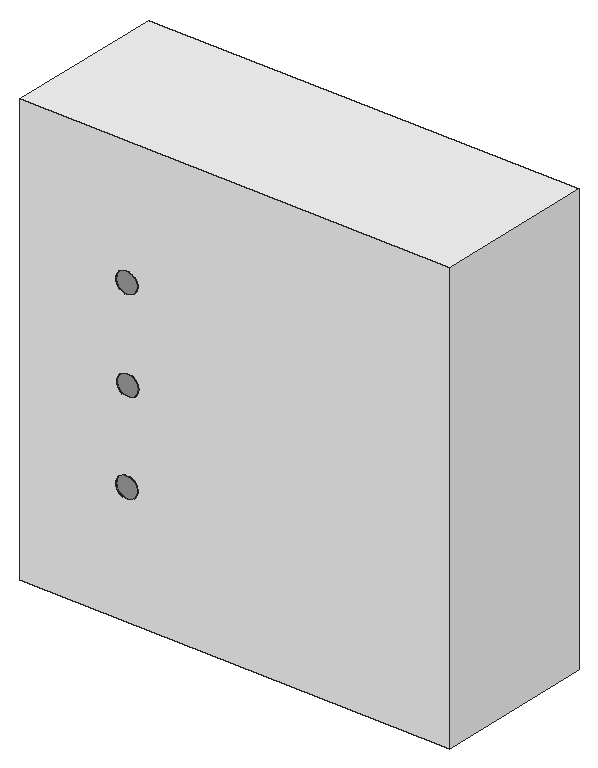
Revit family "Zumtobel ONLITE BRI", category Lighting Fixtures, Revit 2016
Family settings
  Part Type = Normal
  Round Connector Dimension = Use Diameter
  Work Plane-Based = No
  Always vertical = Yes
  Cut with Voids When Loaded = No
  Light Source = No
  Shared = No
  Room Calculation Point = No
Parameters (values of type "ONLITE BRI")
  Width = 80 mm  # constant formula
  Voltage = 0 V  # constant formula
  URL = "http://www.zumtobel.com/22185300"
  Type Comments = "© Zumtobel. We reserve the right to make technical changes without prior notice."  # constant formula
  Model = "22185300"
  Manufacturer = "Zumtobel Lighting"  # constant formula
  Height = 80 mm  # constant formula
  Description = "Remote display for centrally supplied systems"  # constant formula
  Depth = 30 mm  # constant formula
  Body = ZG_Metal_White
  Apparent Load = 0 VA  # constant formula
Reference planes
  plane 1 "Back": y = 0
  plane 2 "Bottom": z = 0
  plane 3 "Center (Left/Right)": x = 0
  plane 4 "Top": z = 40
  plane 5 "Left": x = -40
  plane 6 "Right": x = 40
  plane 7 "Front": y = -30
  plane 8: z = 80
Forms (mm)
  Extrusion 1, solid, material "ZG_Metal_White" <- "Body", detail levels coarse+medium
    sketch origin (0, -30, 0) x (-1, 0, 0) y (0, 0, 1)
      loop
        line (39.873, 80) -> (-40, 80) -> (-40, -0.149) -> (39.873, -0.149) -> (39.873, 80)
    from 0 to 30
  Extrusion 2, solid, material "ZG_Metal_White" <- "Body", detail levels fine
    sketch origin (0, -30, 0) x (-1, 0, 0) y (0, 0, 1)
      loop
        line (39.873, 80) -> (-40, 80) -> (-40, -0.149) -> (39.873, -0.149) -> (39.873, 80)
      loop
        circle (20.037, 56.41) r 2
      loop
        circle (19.881, 39.375) r 2
      loop
        circle (20.037, 22.34) r 2
    from 0 to 2.5
  Extrusion 3, solid, material "ZG_Metal_White" <- "Body", detail levels fine
    sketch origin (0, -20, 0) x (-1, 0, 0) y (0, 0, 1)
      loop
        line (39.873, 80) -> (-40, 80) -> (-40, -0.149) -> (39.873, -0.149) -> (39.873, 80)
    from -7.5 to 20
  Extrusion 4, solid, material "ZG_Metal_Grey", detail levels fine
    sketch origin (0, -30, 0) x (-1, 0, 0) y (0, 0, 1)
      loop
        circle (20.037, 56.41) r 2
      loop
        circle (19.881, 39.375) r 2
      loop
        circle (20.037, 22.34) r 2
    from 0 to 2.5
Cuts and joins
  joined: Extrusion 2, Extrusion 3
Lines and regions (mm)
  Masking region 1
    outline origin (0, 0, 0) x (1, 0, 0) y (0, 1, 0)
      loop
        line (-40, 0) -> (-40, -30) -> (40, -30) -> (40, 0) -> (-40, 0)
Dimensions and locks
  aligned and locked: level to plane 2 "Bottom"
